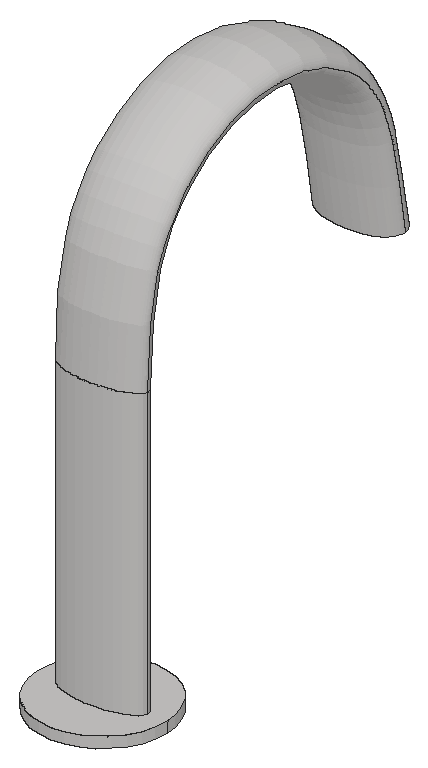
Revit family "TOTO_台付自動水栓_コンテンポラリタイプ（オーバル）_高さ243mm", category 衛生器具, Revit 2022
Family settings
  丸型コネクタ寸法 = 直径を使用
  パーツ タイプ = 標準
  OmniClass 番号 = 23.45.00.00
  OmniClass タイトル = Sanitary, Laundry, and Cleaning Equipment
  作業面ベース = いいえ
  常に垂直 = はい
  ロード時にボイドで切り取り = はい
  注釈の向きを維持 = いいえ
  共有 = いいえ
  部屋計算ポイント = いいえ
Parameters (values of type "TLE24SS1A")
  電線管接続口 = ""
  電源種別 = ""
  電源接続口 = ""
  電圧 = "100V"
  雑排水負荷単位 = 0
  陶器色 = none
  負荷分類 = "9_コンセント"
  製造停止年月 = ""
  製品出荷対象 = "国内"
  製品リリース年月 = "2022年08月"
  製品グループ = ""
  給湯負荷単位 = 0
  給水量情報 = ""
  給水負荷単位(洗浄) = 0
  給水負荷単位(水栓) = 0
  給水接続口情報 = ""
  給水接続口 = ""
  給水タイプ = ""
  積算_科目 = ""
  積算_拾い区分 = ""
  相 = "1"
  盤記号 = ""
  消費電力 = ""
  流量 = ""
  洗浄水量 = ""
  汚水負荷単位 = 0
  標準取付高さ = ""
  極数 = "2"
  最高使用圧力 = 0.0 MPa
  最低使用圧力 = 0.0 MPa
  既定の高さ = 0 mm
  排水芯・排水高さ = ""
  排水接続口情報 = ""
  排水接続口 = ""
  排水 = ""
  幹線記号 = ""
  幅 = "60"
  奥行 = "159"
  周波数 = ""
  参照している仕様書等のバージョン = ""
  分類コード = ""
  分類グループ = ""
  使用水 = "上水"
  企業コード = "504860"
  付属単位 = ""
  中水負荷単位 = 0
  中水接続口 = ""
  上水負荷単位 = 0
  パネル色 = none
  データ作成ソフトVer = "Revit ver.2022"
  タイプのイメージ = ""
  カウンター色 = none
  IfcTypeProduct = ""
  IfcProduct = ""
  IfcExportType = ""
  IfcExportAs = ""
  説明 = "台付自動水栓_コンテンポラリタイプ（オーバル）_高さ243mm"
  設置形態 = ""
  記号 = ""
  製造元 = "TOTO株式会社"
  系統 = ""
  符号 = ""
  特殊仕様 = ""
  法定耐用年数 = ""
  構成品番 = "TLE24SS1A"
  材質 = ""
  温水配管 = yes
  消耗品・備品情報 = ""
  水配管 = yes
  排水配管 = yes
  排気配管 = yes
  形式 = ""
  商品紹介URL = "https://jp.toto.com/products/faucetgroom/functionaqua/"
  商品情報URL = "https://www.com-et.com/jp/item_search/with_img=1/isHaiban=1/kensaku_info=2/qno=0/cometSearch_cate=cometSearch_cate01/searchStr=TLE24SS1A/"
  呼称 = ""
  仕様 = ""
  モデル = "TLE24SS1A"
  データ作成年月 = ""
  コメント [instance] = ""
  キーノート = "0表示の場合は商品仕様と設計数量をご確認ください"
  URL = "https://jp.toto.com"
  JIS記号 = ""
  BLCJ仕様バージョン = "Version1.0"
  3Dファイル形式 = "rfa"
Reference planes
  plane 1 "中心(正面/背面)": y = 0
  plane 2: z = 0
  plane 3 "中心(左/右)": x = 0
  plane 4: y = 159
  plane 5: z = 242.981
Dimensions and locks
  plane 5 to plane 2 = 242.981 mm
  plane 1 "中心(正面/背面)" to plane 4 = 159 mm
  aligned and locked: level to plane 2
Nested families
  nested 1: "TLE24SS1A" at (0, 0.212, 0), type "TLE24SS1A"
Definition of nested family "TLE24SS1A"
  Parameters (values of type "TLEE24SS1A")
    Manufacturer = "TOTO株式会社"
    Default Elevation = 0 mm
    便器マテリアル = none
    Model = ""
    W = 900 mm
    URL = "https://jp.toto.com/"
    D = 600 mm
  Reference planes
    plane 1 "中心(正面/背面)": y = 0
    plane 2: z = 0
    plane 3 "中心(左/右)": x = 0
  Forms (mm)
    Extrusion 1, solid, material <- "便器マテリアル"
      sketch origin (0, 85, -750) x (1, 0, 0) y (0, 1, 0)
        loop
          circle (0, -85) r 30
      from 750 to 754.995
    Sweep 2, solid, material <- "便器マテリアル"
      path origin (0, 85, -744.055) x (0, 1, 0) y (0, 0, 1)
        loop
          line (-85, 749.05) -> (-85, 882.929)
      profile origin (0, 0, 71.935) x (0, -1, 0) y (1, 0, 0)
        loop
          spline (0, -21) -> (2.071, -20.284) -> (4, -18.187) -> (5.657, -14.849) -> (6.928, -10.5) -> (7.727, -5.435) -> (8, 0) -> (7.727, 5.435) -> (6.928, 10.5) -> (5.657, 14.849) -> (4, 18.187) -> (2.071, 20.284) -> (0, 21)
          spline (0, 21) -> (-2.071, 20.284) -> (-4, 18.187) -> (-5.657, 14.849) -> (-6.928, 10.5) -> (-7.727, 5.435) -> (-8, 0) -> (-7.727, -5.435) -> (-6.928, -10.5) -> (-5.657, -14.849) -> (-4, -18.187) -> (-2.071, -20.284) -> (0, -21)
    SweptBlend 3, solid, material <- "便器マテリアル"
      path origin (0, 85, -750) x (0, 1, 0) y (0, 0, 1)
        loop
          spline (-85, 888.874) -> (-87.562, 923.29) -> (-95.275, 946.811) -> (-108.016, 963.701) -> (-124.497, 975.41) -> (-142.908, 982.135) -> (-161.754, 984.014) -> (-180.172, 981.088) -> (-197.358, 973.372) -> (-212.173, 960.599) -> (-223.146, 942.226) -> (-229.623, 918.074) -> (-234.469, 889.576)
      profile origin (0, 0, 138.874) x (0, -1, 0) y (1, 0, 0)
        loop
          spline (0, 21) -> (-2.071, 20.284) -> (-4, 18.187) -> (-5.657, 14.849) -> (-6.928, 10.5) -> (-7.727, 5.435) -> (-8, 0) -> (-7.727, -5.435) -> (-6.928, -10.5) -> (-5.657, -14.849) -> (-4, -18.187) -> (-2.071, -20.284) -> (0, -21)
          spline (0, -21) -> (2.071, -20.284) -> (4, -18.187) -> (5.657, -14.849) -> (6.928, -10.5) -> (7.727, -5.435) -> (8, 0) -> (7.727, 5.435) -> (6.928, 10.5) -> (5.657, 14.849) -> (4, 18.187) -> (2.071, 20.284) -> (0, 21)
      end profile origin (0, -149.469, 139.576) x (0, 0.984808, -0.173647) y (1, 0, 0)
        loop
          spline (0, -21) -> (2.459, -20.284) -> (4.75, -18.187) -> (6.718, -14.849) -> (8.227, -10.5) -> (9.176, -5.435) -> (9.5, 0) -> (9.176, 5.435) -> (8.227, 10.5) -> (6.718, 14.849) -> (4.75, 18.187) -> (2.459, 20.284) -> (0, 21)
          spline (0, 21) -> (-2.459, 20.284) -> (-4.75, 18.187) -> (-6.718, 14.849) -> (-8.227, 10.5) -> (-9.176, 5.435) -> (-9.5, 0) -> (-9.176, -5.435) -> (-8.227, -10.5) -> (-6.718, -14.849) -> (-4.75, -18.187) -> (-2.459, -20.284) -> (0, -21)
  Lines and regions (mm)
    Masking region 1
      outline origin (0, 0, 0) x (0, 1, 0) y (0, 0, 1)
        loop
          line (8, 4.995) -> (8, 138.874)
          spline (8, 138.874) -> (3.676, 181.879) -> (-10.52, 211.771) -> (-31.164, 230.526) -> (-54.831, 240.12) -> (-78.096, 242.531) -> (-98.094, 239.597) -> (-114.484, 232.531) -> (-127.64, 222.374) -> (-137.936, 210.163) -> (-145.843, 196.075) -> (-152.396, 175.298) -> (-158.837, 141.228)
          line (-158.837, 141.228) -> (-140.126, 137.929)
          spline (-140.126, 137.929) -> (-134.973, 169.006) -> (-128.31, 190.401) -> (-119.789, 204.667) -> (-109.069, 214.338) -> (-96.163, 220.885) -> (-81.593, 224.267) -> (-65.919, 224.326) -> (-49.719, 220.874) -> (-34.095, 212.806) -> (-20.766, 197.943) -> (-11.484, 174.045) -> (-8, 138.874)
          line (-8, 138.874) -> (-8, 4.995) -> (8, 4.995)
    Masking region 2
      outline origin (0, 0, 0) x (0, 1, 0) y (0, 0, 1)
        loop
          line (-30, 0) -> (30, 0) -> (30, 4.995) -> (-30, 4.995) -> (-30, 0)
  Dimensions and locks
    aligned and locked: level to plane 2
